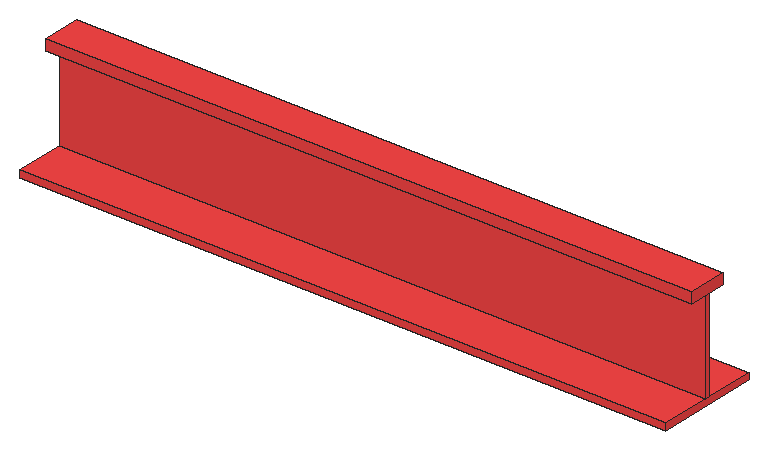
Revit family "GSY40", category Structural Framing, Revit 2018
Family settings
  Section Shape = Not Defined
  Material for Model Behavior = Other
  Always export as geometry = No
  OmniClass Number = 23.25.30.11.14.14
  OmniClass Title = Beams
  Always vertical = Yes
  Cut with Voids When Loaded = No
  Symbolic Representation = From Family
  Shared = No
  Show family pre-cut in plan views = Yes
Parameters (values of type "GSY40/15-40")
  t2 = 25 mm
  t1 = 40 mm
  hw = 360 mm
  d = 15 mm
  b2 = 400 mm
  b1 = 150 mm
  Structural Material [instance] = bips-Steel
  Manufacturer = "Give Steel A/S"
  Length [instance] = 3000 mm
Types (6, lengths in mm): name | b2 | b1 | Length
  (no name) | 400 | 150 | 3000
  GSY40/15-40 | 400 | 150 | 3000
  GSY40/18-43 | 430 | 180 | 3000
  GSY40/22-47 | 470 | 220 | 3000
  GSY40/27-52 | 520 | 270 | 3000
  GSY40/30-55 | 550 | 300 | 4000
Reference planes
  plane 1 "Center (Front/Back)": y = 0
  plane 2 "Center Elevation": z = 0
  plane 3 "Center (Left/Right)": x = 0
  plane 4 "Left": x = -1500
  plane 5 "Member Left": x = -1250
  plane 6 "Stick Symbol Left": x = -1000
  plane 7 "Right": x = 1500
  plane 8 "Member Right": x = 1250
  plane 9 "Stick Symbol Right": x = 1000
  plane 10: y = 75
  plane 11: y = -75
  plane 12: y = 200
  plane 13: y = -200
  plane 14: z = 232.5
  plane 15: z = 192.5
  plane 16: z = -192.5
  plane 17: z = -167.5
  plane 18: y = -7.5
  plane 19: y = 7.5
Forms (mm)
  Extrusion 1, solid, material "bips-Steel" <- "Structural Material"
    sketch origin (0, 0, 0) x (0, 1, 0) y (0, 0, 1)
      loop
        line (75, 232.5) -> (-75, 232.5) -> (-75, 192.5) -> (75, 192.5) -> (75, 232.5)
    from -1250 to 1250
  Extrusion 2, solid, material "bips-Steel" <- "Structural Material"
    sketch origin (0, 0, -90) x (0, 1, 0) y (0, 0, 1)
      loop
        line (7.5, 282.5) -> (-7.5, 282.5) -> (-7.5, -77.5) -> (7.5, -77.5) -> (7.5, 282.5)
    from -1250 to 1250
  Extrusion 3, solid, material "bips-Steel" <- "Structural Material"
    sketch origin (0, 0, -345) x (0, 1, 0) y (0, 0, 1)
      loop
        line (200, 177.5) -> (-200, 177.5) -> (-200, 152.5) -> (200, 152.5) -> (200, 177.5)
    from -1250 to 1250
Lines and regions (mm)
  model lines, style "Stick Symbols", detail levels coarse
    curve 1: line (-1000, 0, 0) -> (1000, 0, 0)
Dimensions and locks
  equal spacing: plane 4 "Left", plane 3 "Center (Left/Right)", plane 7 "Right"
  "Length": plane 4 "Left" to plane 7 "Right"
  equal spacing: plane 10, plane 1 "Center (Front/Back)", plane 11
  "b1": plane 10 to plane 11
  equal spacing: plane 12, plane 1 "Center (Front/Back)", plane 13
  "b2": plane 12 to plane 13
  "t1": plane 14 to plane 15
  "t2": plane 17 to plane 16
  equal spacing: plane 15, plane 2 "Center Elevation", plane 16
  equal spacing: plane 19, plane 1 "Center (Front/Back)", plane 18
  "d": plane 19 to plane 18
  "hw": plane 15 to plane 17
  aligned and locked: plane 5 "Member Left" to Extrusion 1
  aligned and locked: Extrusion 1 to plane 8 "Member Right"
  aligned and locked: plane 1 "Center (Front/Back)" to curve 1
  aligned and locked: plane 6 "Stick Symbol Left" to curve 1
  aligned and locked: plane 9 "Stick Symbol Right" to curve 1
  aligned and locked: level to plane 2 "Center Elevation"
  aligned and locked: Extrusion 1 sketch curve to plane 14
  aligned and locked: plane 10 to Extrusion 1 sketch curve
  aligned and locked: Extrusion 1 sketch curve to plane 11
  aligned and locked: Extrusion 2 sketch curve to plane 18
  aligned and locked: Extrusion 2 sketch curve to plane 19
  aligned and locked: Extrusion 2 sketch curve to plane 17
  aligned and locked: Extrusion 3 sketch curve to plane 16
  aligned and locked: Extrusion 3 sketch curve to plane 17
  aligned and locked: Extrusion 3 sketch curve to plane 13
  aligned and locked: plane 12 to Extrusion 3 sketch curve
  aligned and locked: Extrusion 2 sketch curve to plane 15
  aligned and locked: plane 5 "Member Left" to Extrusion 3
  aligned and locked: Extrusion 3 to plane 8 "Member Right"
  aligned and locked: Extrusion 2 to plane 8 "Member Right"
  aligned and locked: plane 5 "Member Left" to Extrusion 2
Automatic sketch dimensions
  Extrusion 1 sketch curve to plane 15 = 0 mm
